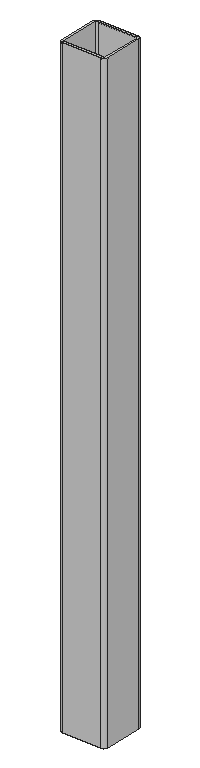
Revit family "HSS-Hollow Structural Section-Column", category Structural Columns, Revit 2018
Family settings
  Section Shape = Not Defined
  Material for Model Behavior = Steel
  Always export as geometry = No
  Beam cutback in plan = From bounding box
  OmniClass Number = 23.25.30.11.14.11
  OmniClass Title = Columns
  Cut with Voids When Loaded = No
  Symbolic Representation = From Project Settings
  Shared = No
  Show family pre-cut in plan views = Yes
Parameters (values of type "HSS8X8X.375")
  W = 37.6
  Structural Material [instance] = Steel ASTM A500, Grade B, Rectangular and Square
  Assembly Code = "B10"
  Ht = 0' - 8"
  Shape = "Square"
  b = 0' - 8"
  kr = 2 * t  # 0' - 0 89/128"
  t = 0' - 0 89/256"
  A = 10.08 in²
Types (2): name | W | Ht | b | kr | t
  HSS8X8X.375 | 37.6 | 0' - 8" | 0' - 8" | 0' - 0 89/128" | 0' - 0 89/256"
  HSS6X6X.500 | 35.1 | 0' - 6" | 0' - 6" | 0' - 0 119/128" | 0' - 0 119/256"
Reference planes (in)
  plane 1 "Center (Front/Back)": y = 0
  plane 2: z = 0
  plane 3 "Center (Left/Right)": x = 0
  plane 4: x = -4
  plane 5: x = 4
  plane 6: y = 4
  plane 7: y = -4
  plane 8: x = -3.30469
  plane 9: y = -3.30469
  plane 10: y = 3.30469
  plane 11: x = 3.30469
Forms (in)
  Extrusion 1, solid, material "Steel ASTM A500, Grade B, Rectangular and Square" <- "Structural Material", detail levels medium
    sketch origin (0, 0, 0) x (1, 0, 0) y (0, 1, 0)
      loop
        line (-4, 4) -> (-4, -4) -> (4, -4) -> (4, 4) -> (-4, 4)
      loop
        line (-3.65234, 3.65234) -> (-3.65234, -3.65234) -> (3.65234, -3.65234) -> (3.65234, 3.65234) -> (-3.65234, 3.65234)
    from 0 to 108
  Extrusion 2, solid, material "Steel ASTM A500, Grade B, Rectangular and Square" <- "Structural Material", detail levels fine
    sketch origin (0, 0, 0) x (1, 0, 0) y (0, 1, 0)
      loop
        arc (-3.30469, 4) -> (-3.79635, 3.79635) -> (-4, 3.30469) r 0.69531
        line (-4, 3.30469) -> (-4, -3.30469)
        arc (-4, -3.30469) -> (-3.79635, -3.79635) -> (-3.30469, -4) r 0.69531
        line (-3.30469, -4) -> (3.30469, -4)
        arc (3.30469, -4) -> (3.79635, -3.79635) -> (4, -3.30469) r 0.69531
        line (4, -3.30469) -> (4, 3.30469)
        arc (4, 3.30469) -> (3.79635, 3.79635) -> (3.30469, 4) r 0.69531
        line (3.30469, 4) -> (-3.30469, 4)
      loop
        arc (-3.30469, 3.65234) -> (-3.55052, 3.55052) -> (-3.65234, 3.30469) r 0.34766
        line (-3.65234, 3.30469) -> (-3.65234, -3.30469)
        arc (-3.65234, -3.30469) -> (-3.55052, -3.55052) -> (-3.30469, -3.65234) r 0.34766
        line (-3.30469, -3.65234) -> (3.30469, -3.65234)
        arc (3.30469, -3.65234) -> (3.55052, -3.55052) -> (3.65234, -3.30469) r 0.34766
        line (3.65234, -3.30469) -> (3.65234, 3.30469)
        arc (3.65234, 3.30469) -> (3.55052, 3.55052) -> (3.30469, 3.65234) r 0.34766
        line (3.30469, 3.65234) -> (-3.30469, 3.65234)
    from 0 to 108
Lines and regions (in)
  symbolic lines, style "StructuralColumnStickSymbols", detail levels coarse
    curve 1: line (-4, 4, 0) -> (4, 4, 0)
    curve 2: line (-4, -4, 0) -> (4, -4, 0)
    curve 5: line (-4, 4, 0) -> (-4, -4, 0)
    curve 6: line (4, 4, 0) -> (4, -4, 0)
  symbolic lines, style "Hidden Faces", detail levels medium+fine
    curve 3: line (-3.65234, 0, 0) -> (-3.65234, 0, 108)
    curve 4: line (3.65234, 0, 108) -> (3.65234, 0, 0)
    curve 7: line (0, 3.65234, 0) -> (0, 3.65234, 108)
    curve 8: line (0, -3.65234, 108) -> (0, -3.65234, 0)
Dimensions and locks (in)
  equal spacing: plane 4, plane 3 "Center (Left/Right)", plane 5
  equal spacing: plane 7, plane 1 "Center (Front/Back)", plane 6
  "Ht": plane 7 to plane 6
  "b": plane 4 to plane 5
  "t": Extrusion 1 sketch curve to plane 5
  "t": plane 4 to Extrusion 1 sketch curve
  "t": Extrusion 1 sketch curve to plane 6
  "t": Extrusion 1 sketch curve to plane 7
  "t": Extrusion 2 sketch curve to plane 6
  "t": Extrusion 2 sketch curve to plane 5
  "t": plane 4 to Extrusion 2 sketch curve
  "t": Extrusion 2 sketch curve to plane 7
  "kr": plane 10 to plane 6
  "kr": plane 7 to plane 9
  "kr": plane 11 to plane 5
  "kr": plane 4 to plane 8
  aligned and locked: plane 6 to Extrusion 1 sketch curve
  aligned and locked: Extrusion 1 sketch curve to plane 7
  aligned and locked: Extrusion 1 sketch curve to plane 4
  aligned and locked: plane 5 to Extrusion 1 sketch curve
  aligned and locked: level to Extrusion 1
  aligned and locked: level to plane 2
  aligned and locked: Extrusion 1 to plane 2
  aligned and locked: Extrusion 2 sketch curve to Extrusion 1
  aligned and locked: level to Extrusion 2
  aligned and locked: curve 4 to Extrusion 2
  aligned and locked: curve 3 to Extrusion 2
  aligned and locked: Extrusion 2 to curve 7  (x2)
  aligned and locked: Extrusion 2 to curve 8  (x2)
  aligned and locked: curve 7 to Extrusion 1
  aligned and locked: curve 8 to Extrusion 1
  aligned and locked: plane 6 to Extrusion 2 sketch curve
  aligned and locked: plane 4 to curve 5
  aligned and locked: plane 6 to curve 1
  aligned and locked: plane 5 to curve 6
  aligned and locked: plane 7 to curve 2
Automatic sketch dimensions
  Extrusion 2 sketch curve to plane 8 = 0' - 0"  (x3)
  Extrusion 2 sketch curve to plane 7 = 0' - 0"
  Extrusion 2 sketch curve to plane 11 = 0' - 0"
  Extrusion 2 sketch curve to plane 10 = 0' - 0"  (x2)
  Extrusion 2 sketch curve to plane 9 = 0' - 0"  (x2)
  curve 3 to level = 0' - 0"  (x2)
  curve 4 to level = 0' - 0"  (x2)
  Extrusion 2 sketch curve to Extrusion 2 sketch curve = 0' - 0"
